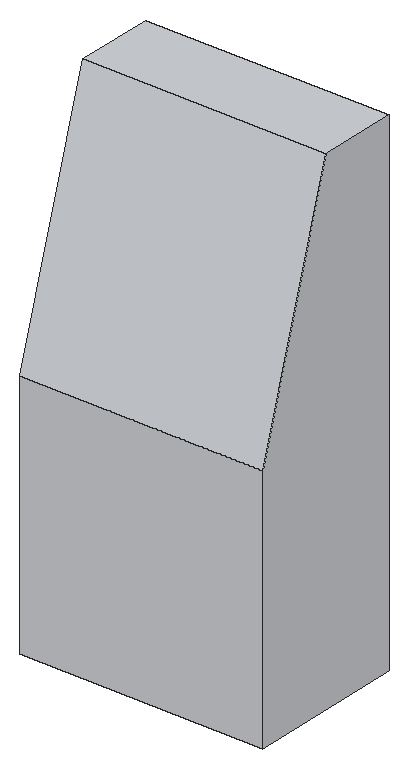
Revit family "01306-W", category Instalační zařizovací předměty, Revit 2016
Family settings
  Typ součásti = Normální
  Kóta kulaté spojky = Použít průměr
  Číslo OmniClass = 23.45.05.00
  Nadpis OmniClass = Sanitary Equipment
  Založené na pracovní rovině = Ne
  Vždy vertikální = Ano
  Ořezat dutým tvarem při načtení = Ne
  Sdílené = Ne
  Bod výpočtu místnosti = Ne
Parameters
  WIDTH = 300 mm
  WEIGHT = 9.55 kg
  Výrobce = "Nofer"
  Utility frequency = 0
  Surface finish = "White"
  Připojení ventilace = no
  Připojení odpadu = no
  Připojení HW = no
  Připojení CW = no
  Power supply = 0 V
  Power input = 1760 W
  Noise level = 75
  MATERIAL = none
  IP code = "IPX1"
  HEIGHT = 617 mm
  Electric class = "II"
  DEPTH = 195 mm
  Article number = "01306.W"
  Air speed = 340.00 kg/m²
Reference planes
  plane 1 "Střed (vpředu/vzadu)": y = 0
  plane 2: z = 0
  plane 3 "Střed (vlevo/vpravo)": x = 0
  plane 4: z = 0
  plane 5: z = 617
  plane 6: y = -195
  plane 7: x = 150
  plane 8: x = -150
  plane 9: z = 308.5
  plane 10: y = -97.5
Forms (mm)
  Extrusion 1, solid, material <- "MATERIAL", detail levels medium+fine
    sketch origin (0, 0, 0) x (0, 1, 0) y (0, 0, 1)
      loop
        line (0, 617) -> (-97.5, 617) -> (-195, 308.5) -> (-195, 0) -> (0, 0) -> (0, 617)
    from -150 to 150
  Extrusion 2, solid, material <- "MATERIAL", detail levels coarse
    sketch origin (0, 0, 0) x (0, 1, 0) y (0, 0, 1)
      loop
        line (0, 617) -> (-195, 617) -> (-195, 0) -> (0, 0) -> (0, 617)
    from -150 to 150
Dimensions and locks
  equal spacing: plane 8, plane 3 "Střed (vlevo/vpravo)", plane 7
  "WIDTH": plane 8 to plane 7
  "DEPTH": plane 6 to plane 1 "Střed (vpředu/vzadu)"
  equal spacing: plane 5, plane 9, plane 4
  equal spacing: plane 1 "Střed (vpředu/vzadu)", plane 10, plane 6
  "DEPTH": plane 1 "Střed (vpředu/vzadu)" to plane 6
  "HEIGHT": plane 5 to level
  aligned and locked: level to plane 2
  aligned and locked: plane 5 to Extrusion 1 sketch curve
  aligned and locked: Extrusion 1 sketch curve to plane 1 "Střed (vpředu/vzadu)"
  aligned and locked: Extrusion 1 sketch curve to plane 4
  aligned and locked: Extrusion 1 sketch curve to plane 6
  aligned and locked: plane 10 to Extrusion 1 sketch curve
  aligned and locked: plane 9 to Extrusion 1 sketch curve
  aligned and locked: Extrusion 1 to plane 8
  aligned and locked: plane 7 to Extrusion 1
  aligned and locked: Extrusion 2 to plane 8
  aligned and locked: plane 7 to Extrusion 2
  aligned and locked: Extrusion 2 to level
Automatic sketch dimensions
  Extrusion 2 sketch curve to plane 5 = 0 mm
  Extrusion 2 sketch curve to plane 6 = 0 mm
  Extrusion 2 sketch curve to plane 1 "Střed (vpředu/vzadu)" = 0 mm
  level to Extrusion 2 sketch curve = 0 mm
